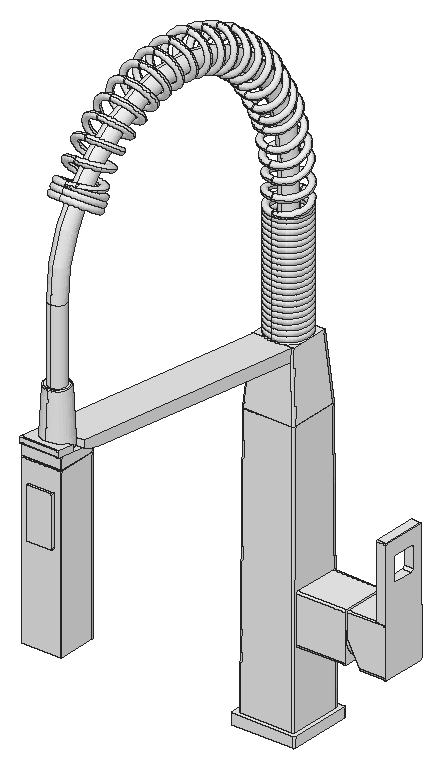
Revit family "xFaucet-Kitchen-Grohe-Eurocube-31401_Series", category Plumbing Fixtures, Revit 2014 (continued)
Lines and regions (in)
  symbolic lines, detail levels fine
    curve 80: arc (-0.49803, -7.24972, 0) -> (-0.38412, -7.19467, 0) -> (-0.26534, -7.15108, 0) r 1.2859
    curve 81: arc (0.35735, -7.01973, 0) -> (0.43709, -7.06856, 0) -> (0.50817, -7.12931, 0) r 0.5934
    curve 82: arc (-0.6119, -7.11336, 0) -> (-0.54625, -7.06178, 0) -> (-0.46989, -7.02803, 0) r 0.33505
    curve 83: arc (0.26534, -7.17963, 0) -> (0.34665, -7.22913, 0) -> (0.41891, -7.29111, 0) r 0.58778
    curve 84: arc (0.63554, -7.2925, 0) -> (0.57245, -7.3753, 0) -> (0.49924, -7.44929, 0) r 0.80738
    curve 85: arc (0.49924, -7.44929, 0) -> (0.38997, -7.52384, 0) -> (0.26542, -7.56843, 0) r 0.52025
    curve 86: arc (0.26542, -7.56843, 0) -> (0.00031, -7.6019, 0) -> (-0.26649, -7.587, 0) r 1.47533
    curve 87: arc (-0.26649, -7.587, 0) -> (-0.44881, -7.53543, 0) -> (-0.6119, -7.43898, 0) r 0.73528
    curve 88: arc (-0.41853, -7.34477, 0) -> (-0.34265, -7.31765, 0) -> (-0.26534, -7.29495, 0) r 1.39959
    curve 89: arc (0.34689, -7.34633, 0) -> (0.30722, -7.32497, 0) -> (0.26534, -7.30834, 0) r 0.38982
    curve 90: arc (0.46014, -7.69621, 0) -> (0.50588, -7.5769, 0) -> (0.49924, -7.44929, 0) r 0.30785
    curve 91: arc (0.46014, -7.69621, 0) -> (0.373, -7.79283, 0) -> (0.26007, -7.85744, 0) r 0.41181
    curve 92: arc (0.26007, -7.85744, 0) -> (-0.00146, -7.90991, 0) -> (-0.26603, -7.87582, 0) r 0.82149
    curve 93: arc (-0.26603, -7.87582, 0) -> (-0.37188, -7.83231, 0) -> (-0.46714, -7.76888, 0) r 0.58058
    curve 94: arc (-0.46714, -7.76888, 0) -> (-0.50073, -7.72564, 0) -> (-0.51226, -7.67211, 0) r 0.12316
    curve 95: arc (-0.51226, -7.67211, 0) -> (-0.47706, -7.60106, 0) -> (-0.41846, -7.54764, 0) r 0.21462
    curve 96: arc (-0.6119, -7.48188, 0) -> (-0.60073, -7.46851, 0) -> (-0.58736, -7.45734, 0) r 0.09801
    curve 97: arc (0.46014, -7.69621, 0) -> (0.40671, -7.61344, 0) -> (0.33217, -7.54901, 0) r 0.34712
    curve 98: arc (-0.50512, -7.71493, 0) -> (-0.3917, -7.6446, 0) -> (-0.26649, -7.59844, 0) r 0.66225
    curve 99: arc (0.6565, -7.69255, 0) -> (0.49588, -7.91383, 0) -> (0.25901, -8.05045, 0) r 0.65623
    curve 100: arc (0.25901, -8.05045, 0) -> (-0.00122, -8.09622, 0) -> (-0.26402, -8.06871, 0) r 0.95226
    curve 101: arc (-0.26402, -8.06871, 0) -> (-0.46389, -7.98632, 0) -> (-0.63116, -7.84936, 0) r 0.73527
    curve 102: arc (0.51294, -7.89791, 0) -> (0.44142, -8.11775, 0) -> (0.26438, -8.26641, 0) r 0.4199
    curve 103: arc (0.26438, -8.26641, 0) -> (0.00114, -8.32729, 0) -> (-0.26571, -8.28492, 0) r 0.70664
    curve 104: arc (-0.26571, -8.28492, 0) -> (-0.40205, -8.20771, 0) -> (-0.50592, -8.0904, 0) r 0.47575
    curve 105: arc (-0.50592, -8.0904, 0) -> (-0.51126, -8.02712, 0) -> (-0.49717, -7.9652, 0) r 0.20714
    curve 106: arc (0.67869, -8.00991, 0) -> (0.52703, -8.2888, 0) -> (0.2594, -8.45955, 0) r 0.63555
    curve 107: arc (0.2594, -8.45955, 0) -> (-0.00153, -8.50573, 0) -> (-0.26505, -8.47786, 0) r 0.94764
    curve 108: arc (-0.26505, -8.47786, 0) -> (-0.43477, -8.40916, 0) -> (-0.57913, -8.29653, 0) r 0.66086
    curve 109: arc (-0.57913, -8.29653, 0) -> (-0.65777, -8.17868, 0) -> (-0.68964, -8.04063, 0) r 0.39396
    curve 110: arc (-0.37188, -7.83231, 0) -> (-0.3199, -7.80616, 0) -> (-0.26649, -7.78309, 0) r 0.99253
    curve 111: arc (0.26649, -7.81106, 0) -> (0.28754, -7.82274, 0) -> (0.30769, -7.83592, 0) r 0.33316
    curve 112: arc (0.26649, -7.6137, 0) -> (0.36053, -7.65762, 0) -> (0.44333, -7.72022, 0) r 0.49422
    curve 113: arc (0.73498, -8.55848, 0) -> (0.66905, -8.71949, 0) -> (0.56258, -8.85709, 0) r 0.64666
    curve 114: arc (0.56258, -8.85709, 0) -> (0.42454, -8.96405, 0) -> (0.2653, -9.03572, 0) r 0.74079
    curve 115: arc (0.2653, -9.03572, 0) -> (0.00126, -9.07627, 0) -> (-0.26278, -9.03572, 0) r 0.87991
    curve 116: arc (-0.26278, -9.03572, 0) -> (-0.42201, -8.96572, 0) -> (-0.56225, -8.86282, 0) r 0.79646
    curve 117: arc (-0.56225, -8.86282, 0) -> (-0.67217, -8.72202, 0) -> (-0.73036, -8.55313, 0) r 0.54208
    curve 118: arc (-0.72916, -8.2648, 0) -> (-0.6711, -8.48409, 0) -> (-0.54043, -8.66953, 0) r 0.64234
    curve 119: arc (-0.54043, -8.66953, 0) -> (-0.4134, -8.76817, 0) -> (-0.26666, -8.83403, 0) r 0.6763
    curve 120: arc (-0.26666, -8.83403, 0) -> (-0.00194, -8.8744, 0) -> (0.26277, -8.83403, 0) r 0.88811
    curve 121: arc (0.26277, -8.83403, 0) -> (0.42501, -8.75951, 0) -> (0.56311, -8.64636, 0) r 0.69975
    curve 122: arc (0.56311, -8.64636, 0) -> (0.68178, -8.46532, 0) -> (0.73067, -8.25445, 0) r 0.61741
    curve 123: arc (0.73498, -8.34965, 0) -> (0.70621, -8.53066, 0) -> (0.6119, -8.68781, 0) r 0.48155
    curve 124: arc (0.6119, -8.68781, 0) -> (0.44011, -8.8373, 0) -> (0.23715, -8.94058, 0) r 0.93041
    curve 125: arc (0.23715, -8.94058, 0) -> (-0.01074, -8.98416, 0) -> (-0.25862, -8.94058, 0) r 0.72682
    curve 126: arc (-0.25862, -8.94058, 0) -> (-0.35592, -8.89833, 0) -> (-0.44729, -8.84445, 0) r 0.86153
    curve 127: arc (-0.44729, -8.84445, 0) -> (-0.56005, -8.7514, 0) -> (-0.65309, -8.63865, 0) r 0.76673
    curve 128: arc (-0.65309, -8.63865, 0) -> (-0.71676, -8.50421, 0) -> (-0.73722, -8.35687, 0) r 0.49071
    curve 129: arc (-0.50592, -8.0904, 0) -> (-0.47606, -8.04317, 0) -> (-0.44189, -7.99895, 0) r 0.59365
    curve 130: arc (0.4149, -7.97606, 0) -> (0.45149, -8.00617, 0) -> (0.4816, -8.04276, 0) r 0.24494
    curve 131: arc (-0.52313, -8.34806, 0) -> (0.00092, -8.68556, 0) -> (0.50173, -8.31444, 0) r 0.54801
    curve 132: line (-0.26595, -4.74324, 0) -> (-0.26595, -5.17314, 0)
    curve 133: line (-0.26595, -5.34879, 0) -> (-0.26595, -5.76035, 0)
    curve 134: line (-0.26595, -5.94137, 0) -> (-0.26595, -6.34609, 0)
    curve 135: line (-0.26595, -6.52285, 0) -> (-0.26595, -6.89598, 0)
    curve 136: line (-0.26534, -7.06998, 0) -> (-0.26534, -7.39844, 0)
    curve 137: line (-0.26649, -7.587, 0) -> (-0.26649, -7.87393, 0)
    curve 138: line (-0.26402, -8.06871, 0) -> (-0.26402, -8.28744, 0)
    curve 139: line (-0.26505, -8.47786, 0) -> (-0.26505, -8.62652, 0)
    curve 140: line (0.26595, -4.71847, 0) -> (0.26595, -5.14708, 0)
    curve 141: line (0.26595, -5.33018, 0) -> (0.26595, -5.73161, 0)
    curve 142: line (0.26595, -5.91331, 0) -> (0.26595, -6.31985, 0)
    curve 143: line (0.26595, -6.50385, 0) -> (0.26595, -6.86309, 0)
    curve 144: line (0.26534, -7.05142, 0) -> (0.26534, -7.38017, 0)
    curve 145: line (0.26649, -7.5674, 0) -> (0.26649, -7.85496, 0)
    curve 146: line (0.26402, -8.0488, 0) -> (0.26402, -8.26256, 0)
    curve 147: line (0.26505, -8.45767, 0) -> (0.26505, -8.60767, 0)
    curve 148: arc (0.6119, -6.41188, 0) -> (0.59009, -6.38243, 0) -> (0.56882, -6.35259, 0) r 2.0332
    curve 149: arc (0.6119, -5.9217, 0) -> (0.56358, -5.87359, 0) -> (0.50921, -5.83244, 0) r 0.50361
    curve 150: arc (-0.6119, -3.81717, 0) -> (-0.54937, -3.87233, 0) -> (-0.48073, -3.91965, 0) r 0.69976
    curve 151: arc (-0.26373, -3.81259, 0) -> (-0.37056, -3.77534, 0) -> (-0.46799, -3.71783, 0) r 0.57282
    curve 152: arc (-0.46799, -3.71783, 0) -> (-0.49059, -3.69593, 0) -> (-0.50637, -3.66871, 0) r 0.11463
    curve 153: arc (-0.50637, -3.66871, 0) -> (-0.51087, -3.64067, 0) -> (-0.50252, -3.61353, 0) r 0.0626
    curve 154: arc (-0.50252, -3.61353, 0) -> (-0.39502, -3.52774, 0) -> (-0.26697, -3.47753, 0) r 0.46034
    curve 155: arc (-0.26697, -3.47753, 0) -> (0.14187, -3.43161, 0) -> (0.55072, -3.47753, 0) r 1.84291
    curve 156: arc (0.26577, -3.52632, 0) -> (0.43992, -3.51863, 0) -> (0.6119, -3.49008, 0) r 1.4488
    curve 157: arc (0.6119, -3.3049, 0) -> (0.44157, -3.28173, 0) -> (0.26981, -3.27497, 0) r 1.79318
    curve 158: arc (0.26981, -3.27497, 0) -> (0.00152, -3.2717, 0) -> (-0.26556, -3.29737, 0) r 2.48644
    curve 159: arc (-0.26556, -3.29737, 0) -> (-0.45133, -3.35474, 0) -> (-0.6119, -3.46436, 0) r 0.65158
    curve 160: arc (-0.26373, -3.49883, 0) -> (-0.28397, -3.49396, 0) -> (-0.30378, -3.48753, 0) r 0.2694
    curve 161: arc (-0.51479, -3.38981, 0) -> (-0.56773, -3.35227, 0) -> (-0.6119, -3.30472, 0) r 0.31675
    curve 162: arc (-0.29649, -3.3028, 0) -> (-0.40192, -3.25489, 0) -> (-0.48584, -3.17508, 0) r 0.34859
    curve 163: arc (-0.48584, -3.17508, 0) -> (-0.51034, -3.08638, 0) -> (-0.46793, -3.00472, 0) r 0.12588
    curve 164: arc (-0.46793, -3.00472, 0) -> (-0.37222, -2.93629, 0) -> (-0.26511, -2.88761, 0) r 0.60698
    curve 165: arc (-0.26511, -2.88761, 0) -> (-0.0008, -2.8481, 0) -> (0.26596, -2.86418, 0) r 1.28365
    curve 166: arc (0.26596, -2.86418, 0) -> (0.395, -2.8921, 0) -> (0.52071, -2.93244, 0) r 1.357
    curve 167: arc (0.26498, -2.94623, 0) -> (0.36026, -2.93112, 0) -> (0.45425, -2.90944, 0) r 1.38736
    curve 168: arc (0.6119, -3.03293, 0) -> (0.44542, -3.09594, 0) -> (0.26981, -3.12502, 0) r 0.9016
    curve 169: arc (-0.26556, -3.09724, 0) -> (-0.3696, -3.05721, 0) -> (-0.46793, -3.00472, 0) r 0.90628
    curve 170: arc (-0.26556, -2.91132, 0) -> (-0.28089, -2.90484, 0) -> (-0.29662, -2.89937, 0) r 0.25451
    curve 171: arc (-0.6119, -2.89832, 0) -> (-0.4527, -2.77694, 0) -> (-0.2654, -2.70625, 0) r 0.69154
    curve 172: arc (-0.2654, -2.70625, 0) -> (-0.0004, -2.67288, 0) -> (0.26628, -2.68768, 0) r 1.47988
    curve 173: arc (0.26628, -2.68768, 0) -> (0.44202, -2.72465, 0) -> (0.6119, -2.78293, 0) r 1.45999
    curve 174: arc (0.6119, -2.57547, 0) -> (0.47532, -2.65317, 0) -> (0.32455, -2.69745, 0) r 0.68008
    curve 175: arc (-0.4527, -2.77694, 0) -> (-0.50569, -2.67198, 0) -> (-0.50407, -2.55441, 0) r 0.24667
    curve 176: arc (-0.50407, -2.55441, 0) -> (-0.4087, -2.41978, 0) -> (-0.26775, -2.33404, 0) r 0.40724
    curve 177: arc (-0.26775, -2.33404, 0) -> (-0.00216, -2.2809, 0) -> (0.26753, -2.30598, 0) r 0.93667
    curve 178: arc (-0.26775, -2.49341, 0) -> (-0.33725, -2.45846, 0) -> (-0.3987, -2.41076, 0) r 0.40121
    curve 179: arc (-0.50407, -2.55441, 0) -> (-0.39181, -2.63066, 0) -> (-0.26775, -2.68566, 0) r 0.75728
    curve 180: arc (0.26753, -2.30598, 0) -> (0.39661, -2.35122, 0) -> (0.51424, -2.42103, 0) r 0.69017
    curve 181: arc (0.51424, -2.42103, 0) -> (0.39818, -2.49073, 0) -> (0.26753, -2.52616, 0) r 0.49194
    curve 182: arc (-0.62991, -2.40313, 0) -> (-0.47122, -2.24006, 0) -> (-0.2637, -2.14671, 0) r 0.60828
    curve 183: arc (-0.2637, -2.14671, 0) -> (-0.00034, -2.11101, 0) -> (0.26487, -2.12825, 0) r 1.33331
    curve 184: arc (0.26487, -2.12825, 0) -> (0.44524, -2.17752, 0) -> (0.6119, -2.26227, 0) r 0.91903
    curve 185: arc (-0.49861, -2.26041, 0) -> (-0.50472, -2.10837, 0) -> (-0.4373, -1.97196, 0) r 0.30803
    curve 186: arc (-0.4373, -1.97196, 0) -> (-0.35784, -1.89863, 0) -> (-0.26355, -1.84572, 0) r 0.46335
    curve 187: arc (-0.26355, -1.84572, 0) -> (-0.00036, -1.78592, 0) -> (0.26763, -1.81788, 0) r 0.79284
    curve 188: arc (0.26763, -1.81788, 0) -> (0.39163, -1.87128, 0) -> (0.49988, -1.95197, 0) r 0.57857
    curve 189: arc (0.49988, -1.95197, 0) -> (0.50807, -1.9919, 0) -> (0.49046, -2.02867, 0) r 0.06393
    curve 190: arc (0.49046, -2.02867, 0) -> (0.4027, -2.09578, 0) -> (0.29928, -2.13465, 0) r 0.3779
    curve 191: arc (0.30867, -2.31732, 0) -> (0.28799, -2.32193, 0) -> (0.26753, -2.32743, 0) r 0.49006
    curve 192: arc (0.6119, -2.1645, 0) -> (0.57761, -2.19522, 0) -> (0.53863, -2.21971, 0) r 0.272
    curve 193: arc (-0.2637, -2.11575, 0) -> (-0.36222, -2.058, 0) -> (-0.4373, -1.97196, 0) r 0.35495
    curve 194: arc (-0.65268, -1.96874, 0) -> (-0.48549, -1.77795, 0) -> (-0.2641, -1.65408, 0) r 0.74724
    curve 195: arc (-0.2641, -1.65408, 0) -> (-0.00033, -1.60411, 0) -> (0.26629, -1.63556, 0) r 0.88471
    curve 196: arc (0.26629, -1.63556, 0) -> (0.44858, -1.70727, 0) -> (0.6119, -1.81543, 0) r 0.93393
    curve 197: arc (-0.2637, -1.9508, 0) -> (-0.31458, -1.92909, 0) -> (-0.36309, -1.90251, 0) r 0.5642
    curve 198: arc (0.44397, -1.9054, 0) -> (0.35719, -1.94429, 0) -> (0.26487, -1.96709, 0) r 0.53117
    curve 199: arc (-0.43864, -2.21877, 0) -> (-0.47701, -2.18983, 0) -> (-0.511, -2.15587, 0) r 0.34654
    curve 200: arc (-0.50633, -1.79546, 0) -> (-0.44995, -1.55976, 0) -> (-0.26282, -1.40576, 0) r 0.38093
    curve 201: arc (-0.26282, -1.40576, 0) -> (0.0008, -1.35236, 0) -> (0.26749, -1.38724, 0) r 0.81896
    curve 202: arc (0.26749, -1.38724, 0) -> (0.40033, -1.45333, 0) -> (0.50423, -1.55924, 0) r 0.44721
    curve 203: arc (0.50423, -1.55924, 0) -> (0.4937, -1.6418, 0) -> (0.43411, -1.6999, 0) r 0.12637
    curve 204: arc (-0.35218, -1.6917, 0) -> (-0.40556, -1.6317, 0) -> (-0.45538, -1.56871, 0) r 1.38744
    curve 205: arc (-0.30918, -1.67167, 0) -> (-0.37525, -1.63345, 0) -> (-0.43856, -1.59082, 0) r 1.11751
    curve 206: arc (-0.2641, -1.493, 0) -> (-0.30105, -1.46916, 0) -> (-0.33703, -1.44389, 0) r 1.11423
    curve 207: arc (0.36168, -1.66756, 0) -> (0.43923, -1.63032, 0) -> (0.50669, -1.57695, 0) r 0.38891
    curve 208: arc (0.26629, -1.5131, 0) -> (0.32863, -1.48239, 0) -> (0.38622, -1.44349, 0) r 0.51053
    curve 209: arc (0.26629, -1.40365, 0) -> (0.28256, -1.40184, 0) -> (0.29844, -1.3979, 0) r 0.12329
    curve 210: arc (-0.65268, -1.56808, 0) -> (-0.49378, -1.35131, 0) -> (-0.26159, -1.21594, 0) r 0.65952
    curve 211: arc (-0.26159, -1.21594, 0) -> (-0.0033, -1.16926, 0) -> (0.25761, -1.1978, 0) r 0.91535
    curve 212: arc (0.25761, -1.1978, 0) -> (0.46531, -1.28284, 0) -> (0.6426, -1.42046, 0) r 0.82911
    curve 213: arc (-0.51195, -1.3683, 0) -> (-0.44557, -1.13046, 0) -> (-0.26674, -0.9602, 0) r 0.46474
    curve 214: arc (-0.26674, -0.9602, 0) -> (-0.00263, -0.88897, 0) -> (0.26581, -0.9416, 0) r 0.60373
    curve 215: arc (0.26581, -0.9416, 0) -> (0.45254, -1.07731, 0) -> (0.49901, -1.30341, 0) r 0.31932
    curve 216: arc (-0.67093, -1.21982, 0) -> (-0.52793, -0.939, 0) -> (-0.26533, -0.76478, 0) r 0.61982
    curve 217: arc (-0.26533, -0.76478, 0) -> (-0.00032, -0.71845, 0) -> (0.26615, -0.75551, 0) r 0.86781
    curve 218: arc (0.26615, -0.75551, 0) -> (0.49526, -0.87753, 0) -> (0.66056, -1.07767, 0) r 0.66798
    curve 219: arc (-0.67447, -0.94069, 0) -> (-0.52846, -0.65355, 0) -> (-0.26533, -0.46771, 0) r 0.67013
    curve 220: arc (-0.26533, -0.46771, 0) -> (0.00099, -0.41516, 0) -> (0.26898, -0.45839, 0) r 0.76926
    curve 221: arc (0.26898, -0.45839, 0) -> (0.50767, -0.57892, 0) -> (0.66694, -0.79371, 0) r 0.58008
    curve 222: arc (-0.46126, -0.87461, 0) -> (-0.38596, -0.74911, 0) -> (-0.26533, -0.66622, 0) r 0.34433
    curve 223: arc (-0.26533, -0.66622, 0) -> (-0.00349, -0.58838, 0) -> (0.26507, -0.63843, 0) r 0.58272
    curve 224: arc (0.26507, -0.63843, 0) -> (0.41584, -0.73492, 0) -> (0.50812, -0.88831, 0) r 0.39268
    curve 226: arc (-0.69749, -8.66864, 0) -> (-0.00101, -10.05692, 0) -> (0.69548, -8.66864, 0) r 0.86885
    curve 227: arc (-0.55988, -8.86498, 0) -> (0.00193, -9.85176, 0) -> (0.55789, -8.86167, 0) r 0.65223
    curve 228: line (-0.26278, -9.03572, 0) -> (-0.26278, -9.22716, 0)
    curve 229: arc (-0.26278, -9.22716, 0) -> (0, -9.44025, 0) -> (0.26278, -9.22716, 0) r 0.26858
    curve 230: line (0.26278, -9.22716, 0) -> (0.26278, -9.0357, 0)
    curve 231: line (0.26068, -3.84188, 0) -> (0.26068, -3.43544, 0)
    curve 232: line (-0.26373, -3.86432, 0) -> (-0.26373, -3.4768, 0)
    curve 233: line (0.26981, -3.27497, 0) -> (0.26981, -2.85698, 0)
    curve 234: line (-0.26556, -3.29737, 0) -> (-0.26556, -2.89049, 0)
    curve 235: line (-0.26775, -2.33404, 0) -> (-0.26775, -2.70677, 0)
    curve 236: line (0.26753, -2.30598, 0) -> (0.26753, -2.68501, 0)
    curve 237: line (-0.2637, -2.14671, 0) -> (-0.2637, -1.84234, 0)
    curve 238: line (0.26487, -2.12825, 0) -> (0.26487, -1.82031, 0)
    curve 239: line (-0.2641, -1.65408, 0) -> (-0.2641, -1.40408, 0)
    curve 240: line (0.26629, -1.63556, 0) -> (0.26629, -1.38556, 0)
    curve 241: line (-0.26159, -1.21594, 0) -> (-0.26159, -0.95747, 0)
    curve 242: line (0.25761, -1.1978, 0) -> (0.25761, -0.93799, 0)
    curve 243: line (0.26615, -0.75551, 0) -> (0.26615, -0.63881, 0)
    curve 244: arc (-0.44751, -1.31331, 0) -> (-0.47147, -1.26954, 0) -> (-0.48797, -1.22245, 0) r 0.30464
    curve 245: arc (-0.42847, -1.29958, 0) -> (-0.45363, -1.28185, 0) -> (-0.47547, -1.26014, 0) r 0.18285
    curve 246: arc (-0.26159, -1.19467, 0) -> (-0.33993, -1.14206, 0) -> (-0.4071, -1.07577, 0) r 0.50399
    curve 247: arc (-0.26159, -1.13778, 0) -> (-0.33132, -1.10419, 0) -> (-0.39816, -1.06516, 0) r 0.9746
    curve 248: arc (0.2894, -1.2067, 0) -> (0.37908, -1.15224, 0) -> (0.45254, -1.07731, 0) r 0.42139
    curve 249: arc (0.25761, -1.1517, 0) -> (0.35167, -1.11118, 0) -> (0.43974, -1.0589, 0) r 0.79465
    curve 250: arc (-0.47609, -0.59947, 0) -> (-0.00249, -0.29235, 0) -> (0.49137, -0.56568, 0) r 0.54857
    curve 251: arc (-0.67456, -0.64614, 0) -> (-0.02806, -0.11992, 0) -> (0.68067, -0.55877, 0) r 0.71854
    curve 252: arc (-0.45961, -0.3003, 0) -> (-0.02396, -0.01526, 0) -> (0.43856, -0.25425, 0) r 0.51654
    curve 253: arc (-0.68439, -0.41456, 0) -> (-0.0245, 0.16066, 0) -> (0.68178, -0.35655, 0) r 0.70086
    curve 254: line (-0.27895, -0.4732, 0) -> (-0.27895, -0.37847, 0)
    curve 255: line (0.26898, -0.45839, 0) -> (0.26898, -0.35349, 0)
    curve 256: line (-0.28028, -0.18335, 0) -> (-0.28028, -0.09885, 0)
    curve 257: line (0.26475, -0.16207, 0) -> (0.26475, -0.0861, 0)
    curve 271: line (2.40152, 0.72256, 0) -> (2.40152, -0.72256, 0)
    curve 276: line (1.02289, 0.77246, 0) -> (0.86958, 0.77246, 0)
    curve 277: line (1.01402, -0.77515, 0) -> (0.86958, -0.77515, 0)
    curve 286: arc (-0.6878, -0.26712, 0) -> (-0.02279, 0.24141, 0) -> (0.68717, -0.20221, 0) r 0.73524
    curve 287: arc (-0.68448, 0.06003, 0) -> (0.02062, 0.59, 0) -> (0.68705, 0.01213, 0) r 0.70188
    curve 288: arc (-0.68796, -0.03587, 0) -> (0.0012, 0.49963, 0) -> (0.69036, -0.03587, 0) r 0.7112
    curve 289: arc (-0.68782, -0.13183, 0) -> (-0.00777, 0.38398, 0) -> (0.69259, -0.10391, 0) r 0.7257
Dimensions and locks (in)
  plane 8 to plane 1 "Center (Front/Back)" = 7/8"
  plane 1 "Center (Front/Back)" to Extrusion 6 sketch curve = 3/4"
  plane 4 to plane 18 = 5/8"
  plane 28 to level = 21 9/16"
  plane 1 "Center (Front/Back)" to plane 29 = 9 3/16"
  locked: plane 30 to level at 6.25
Connectors (in)
  piping at (-0.2535, 0, 0), diameter 0.375, driven by "HWFU", driven by "Hot Water Connection Diameter"
    settings: on Extrusion 66, index 1, connector inside diameter 24", connector length 0", flow factor 0, pipe flow 0 GPM, pressure drop 0.00 psi, fitting loss kfactor 0, connector angle 0.00°, fixture units 1.5, engagement length 0", angle of deflection 0.00°, flow configuration 3, flow direction 1, fitting loss method 0, system type 19, joint type 0, gender type 0, connector reference index -1, connector utility 0, adjustable connector no, is connector primary yes, connector description "3/8\" NPT HW Inlet"
  piping at (0.2535, 0, 0), diameter 0.375, driven by "CWFU", driven by "Cold Water Connection Diameter"
    settings: on Extrusion 66, index 2, connector inside diameter 24", connector length 0", flow factor 0, pipe flow 0 GPM, pressure drop 0.00 psi, fitting loss kfactor 0, connector angle 0.00°, fixture units 1.5, engagement length 0", angle of deflection 0.00°, flow configuration 3, flow direction 1, fitting loss method 0, system type 20, joint type 0, gender type 0, connector reference index -1, connector utility 0, adjustable connector no, is connector primary no, connector description "3/8\" NPT CW Inlet"
Types (3): name | Product Page URL | Model | Material | Finish
  (no name) | "https://www.grohe.com/us/32440/kitchen/kitchen-faucets/eurocube/product-details/?product=31401-G318&color=000&material=31401000" | "31401000" | "Metal-Grohe-000-Chrome" | Metal-Grohe-000-Chrome
  31401000 | "https://www.grohe.com/us/32440/kitchen/kitchen-faucets/eurocube/product-details/?product=31401-G318&color=000&material=31401000" | "31401000" | "Metal-Grohe-000-Chrome" | Metal-Grohe-000-Chrome
  31401DC0 | "https://www.grohe.com/us/32440/kitchen/kitchen-faucets/eurocube/product-details/?product=31401-G318&color=DC0&material=31401DC0" | "31401DC0" | "Metal-Grohe-DC0-Stainless Steel" | Metal-Grohe-DC0-Stainless Steel
